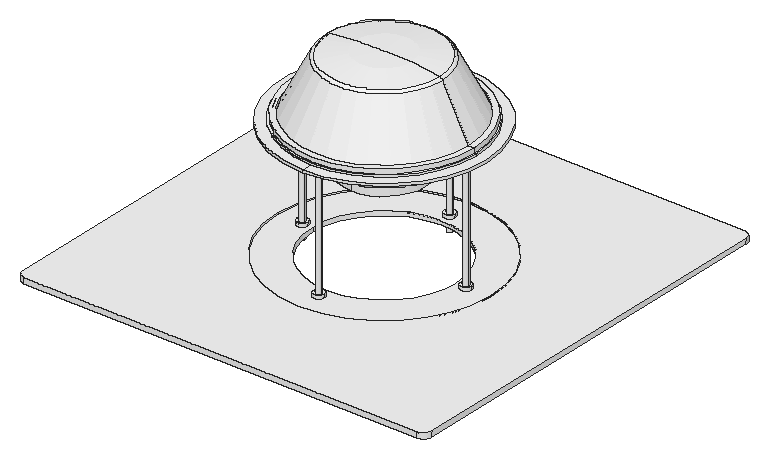
Revit family "R1200-JD-STR", category Plumbing Fixtures, host Face, Revit 2018
Family settings
  Host = Face
  Round Connector Dimension = Use Radius
  Part Type = Normal
  Cut with Voids When Loaded = No
  Shared = No
  Room Calculation Point = No
Parameters (values of type "6" Drain Pipe Size")
  WFU = 0
  URL = "WWW.MIFAB.COM"
  Strainer Diameter = 0' - 6 15/16"
  Pipe Radius = Pipe Diameter / 2  # 0' - 3"
  Pipe Diameter = 0' - 6"
  Model = "R1200-JD-STR"
  Manufacturer = "MIFAB"
  Floor Drain Material = Paint - Sherwin Williams Paint - #952C2A - Bellwood Red
  Domestic Cold Water Radius = 0' - 0 1/4"
  Domestic Cold Water Diameter = Domestic Cold Water Radius * 2  # 0' - 0 1/2"
  Description = "LARGE SUMP ROOF DRAIN WITH LOW PROFILE DOME, JASAWAZ STYLE BODY AND EXTENSION PAN"
  Default Elevation = 0' - 0"
  CWFU = 0
  Body Height = 0' - 4 1/4"
  Assembly Code = ""
  ADJUSTMENT RANGE = 0' - 8 11/16"
Types (6): name | Pipe Radius | Pipe Diameter | ADJUSTMENT RANGE
  (no name) | 0' - 3" | 0' - 6" | 0' - 8 11/16"
  2" Drain Pipe Size | 0' - 1" | 0' - 2" | 0' - 6"
  3" Drain Pipe Size | 0' - 1 1/2" | 0' - 3" | 0' - 8 11/16"
  4" Drain Pipe Size | 0' - 2" | 0' - 4" | 0' - 8 11/16"
  5" Drain Pipe Size | 0' - 2 1/2" | 0' - 5" | 0' - 8 11/16"
  6" Drain Pipe Size | 0' - 3" | 0' - 6" | 0' - 8 11/16"
Reference planes (in)
  plane 1 "Center (Front/Back)": y = 0
  plane 2: z = 0
  plane 3 "Center (Left/Right)": x = 0
  plane 4: z = -7.25
  plane 5: z = -3
  plane 6: z = -2.375
  plane 7: y = -3
  plane 8: y = 3
  plane 9: x = -2.5
  plane 10: x = 2.5
  plane 11: z = -2.5
  plane 12: x = 7.5
  plane 13: x = -7.5
  plane 14: z = 4.5
  plane 15: z = 0
  plane 16: z = -3.375
  plane 17: y = 7.5
  plane 18: y = -7.5
  plane 19: x = 6.75
  plane 20: x = -6.75
  plane 21: x = -4.2
  plane 22: x = 4.2
  plane 23: y = 15
  plane 24: y = -15
  plane 25: x = 15
  plane 26: x = -15
  plane 27: z = -8.875
  plane 28: z = -9.25
  plane 29: z = -0.1875
  plane 30: z = -8.9375
Forms (in)
  Revolve 1, solid, material "Paint - Sherwin Williams Paint - #952C2A - Bellwood Red" <- "Floor Drain Material"
    sketch origin (0, 0.04396, -2.375) x (0, 1, 0) y (0, 0, 1)
      loop
        line (-4.57045, 2.375) -> (-7.54396, 2.375) -> (-7.54396, 2.1875) -> (-4.75951, 2.1875) -> (-4.75951, 0.66305)
        arc (-4.75951, 0.66305) -> (-4.71471, 0.55491) -> (-4.60658, 0.51012) r 0.15293
        line (-4.60658, 0.51012) -> (-3.04396, 0.51012) -> (-3.04396, -1) -> (-2.84474, -1) -> (-2.84474, 0.70934) -> (-4.57045, 0.70934) -> (-4.57045, 2.375)
      axis (-0.04396, 2.375) -> (-0.04396, -1)
    angle from 0 to 360
  Revolve 2, solid, material "Paint - Sherwin Williams Paint - #952C2A - Bellwood Red" <- "Floor Drain Material"
    sketch origin (0, 0, 0) x (1, 0, 0) y (0, 0, 1)
      loop
        line (6.4534, 0.13441) -> (6.4534, 0.26611) -> (6.24075, 0.26611) -> (4.29068, 4.06023)
        arc (4.29068, 4.06023) -> (4.19809, 4.16912) -> (4.06679, 4.22561) r 0.3136
        arc (4.06679, 4.22561) -> (2.04088, 4.47375) -> (0, 4.5) r 18.73239
        line (0, 4.5) -> (0, 4.37304)
        arc (0, 4.37304) -> (2.07377, 4.34444) -> (4.13157, 4.08598) r 18.66798
        line (4.13157, 4.08598) -> (6.14077, 0.13441) -> (6.4534, 0.13441)
      axis (0, 0.13441) -> (0, 4.5)
    angle from 0 to 360
  Revolve 3, solid, material "Paint - Sherwin Williams Paint - #952C2A - Bellwood Red" <- "Floor Drain Material"
    sketch origin (0, 0, 0) x (1, 0, 0) y (0, 0, 1)
      loop
        line (6.61232, 0.47602) -> (6.22626, 0.47602) -> (6.22626, 0.31587) -> (6.4534, 0.31587) -> (6.4534, 0.13441) -> (6.1183, 0.13441) -> (6.1183, 0) -> (6.75, 0) -> (6.75, 0.13441) -> (6.61232, 0.13441) -> (6.61232, 0.47602)
      axis (0, 0) -> (0, 0.47602)
    angle from 0 to 360
  Extrusion 4, solid, material "Paint - Sherwin Williams Paint - #952C2A - Bellwood Red" <- "Floor Drain Material"
    sketch origin (0, 0, 0) x (1, 0, 0) y (0, 1, 0)
      loop
        arc (-14.40234, 15) -> (-14.82495, 14.82495) -> (-15, 14.40234) r 0.59766
        line (-15, 14.40234) -> (-15, -14.40234)
        arc (-15, -14.40234) -> (-14.82495, -14.82495) -> (-14.40234, -15) r 0.59766
        line (-14.40234, -15) -> (14.40234, -15)
        arc (14.40234, -15) -> (14.82495, -14.82495) -> (15, -14.40234) r 0.59766
        line (15, -14.40234) -> (15, 14.40376)
        arc (15, 14.40376) -> (14.82536, 14.82536) -> (14.40376, 15) r 0.59624
        line (14.40376, 15) -> (-14.40234, 15)
      loop
        circle (0, 0) r 7.8125
    from -8.875 to -9.25
  Extrusion 5, solid, material "Paint - Sherwin Williams Paint - #952C2A - Bellwood Red" <- "Floor Drain Material"
    sketch origin (0, 0, 0) x (1, 0, 0) y (0, 1, 0)
      loop
        circle (0, 0) r 7.8125
      loop
        circle (0, 0) r 5.25
    from -9.25 to -8.9375
Lines and regions (in)
  model lines, not visible
    curve 1: line (6.7156, 0, 9.07611) -> (12.5156, 0, 9.07611)
    curve 2: line (12.5156, 0, 9.07611) -> (12.5156, 0, 10.82611)
    curve 3: line (12.5156, 0, 10.82611) -> (6.7156, 0, 10.82611)
    curve 4: line (6.7156, 0, 10.82611) -> (6.7156, 0, 9.07611)
    curve 5: line (7.13163, 0, 10.86539) -> (7.13163, 0, 12.86539)
    curve 6: line (7.13163, 0, 12.86539) -> (15.53163, 0, 12.86539)
    curve 7: line (15.53163, 0, 12.86539) -> (15.53163, 0, 10.86539)
    curve 8: line (11.33163, 0, 12.86539) -> (11.33163, 0, 12.36539)
Dimensions and locks (in)
  "Body Height": plane 5 to plane 4
  equal spacing: plane 8, plane 1 "Center (Front/Back)", plane 7
  "Pipe Diameter": plane 8 to plane 7
  "Pipe Radius": plane 1 "Center (Front/Back)" to plane 7
  locked: plane 13 to plane 12 at 15
  plane 14 to plane 11 = 0' - 7"
  locked: plane 14 to level at 4.5
  level to plane 15 = 0' - 0"
  locked: plane 15 to plane 16 at 3.375
  equal spacing: plane 13, plane 3 "Center (Left/Right)", plane 12
  locked: plane 18 to plane 17 at 15
  plane 18 to plane 1 "Center (Front/Back)" to plane 17 = 0' - 7 1/2", 0' - 7 1/2"
  plane 1 "Center (Front/Back)" to Revolve 1 sketch curve to Revolve 1 sketch curve = 0' - 4.52649" locked, 0' - 0.18905" locked
  locked: plane 19 to plane 20 at 13.5
  plane 21 to plane 3 "Center (Left/Right)" to plane 22 = 0' - 4.2", 0' - 4.2"
  plane 21 to plane 22 = 0' - 8.4"
  plane 17 to plane 18 = 1' - 3"
  locked: plane 15 to Revolve 1 sketch curve at 0.1875
  plane 24 to plane 1 "Center (Front/Back)" to plane 23 = 1' - 3", 1' - 3"
  locked: plane 24 to plane 23 at 30
  plane 26 to plane 3 "Center (Left/Right)" to plane 25 = 1' - 3", 1' - 3"
  locked: plane 26 to plane 25 at 30
  locked: plane 27 to plane 28 at 0.375
  plane 15 to plane 27 = 0' - 8 7/8"
  locked: plane 2 to plane 29 at 0.1875
  plane 18 to nested 1 = 0' - 1 1/2"
  nested 4 to plane 12 = 0' - 1 1/2"
  locked: nested 3 to plane 17 at 1.5
  locked: plane 13 to nested 2 at 1.5
  locked: plane 27 to plane 30 at 0.0625
  "ADJUSTMENT RANGE": plane 29 to plane 27
  aligned and locked: plane 2 to host face
  aligned and locked: level to host face
  aligned and locked: Revolve 1 sketch curve to plane 18
  aligned and locked: Revolve 1 sketch curve to plane 15
  aligned and locked: Revolve 1 sketch curve to plane 16
  aligned and locked: Extrusion 4 sketch curve to plane 23
  aligned and locked: plane 26 to Extrusion 4 sketch curve
  aligned and locked: plane 24 to Extrusion 4 sketch curve
  aligned and locked: Extrusion 4 sketch curve to plane 25
  aligned and locked: plane 27 to Extrusion 4
  aligned and locked: Extrusion 4 to plane 28
  aligned and locked: plane 3 "Center (Left/Right)" to nested 1
  aligned and locked: plane 29 to Revolve 1
  aligned and locked: plane 29 to nested 1
  aligned and locked: Extrusion 5 sketch curve to Extrusion 4  (x2)
  aligned and locked: Extrusion 5 to plane 28
  aligned and locked: Extrusion 5 to plane 30
  aligned and locked: plane 1 "Center (Front/Back)" to nested 2
  aligned and locked: plane 3 "Center (Left/Right)" to nested 3
  aligned and locked: plane 1 "Center (Front/Back)" to nested 4
  aligned and locked: plane 29 to nested 4
  aligned and locked: plane 29 to nested 2
  aligned and locked: plane 29 to nested 3
Automatic sketch dimensions
  host sketch curve to host sketch curve = 8' - 0"  (x2)
  Revolve 3 sketch curve to plane 3 "Center (Left/Right)" = 0' - 0"
  level to Revolve 3 sketch curve = 0' - 0.13441"  (x2)
  Revolve 3 sketch curve to Revolve 3 sketch curve = 0' - 0.10796"
  Revolve 3 sketch curve to Revolve 3 sketch curve = 0' - 0.22714"
  Revolve 3 sketch curve to Revolve 3 sketch curve = 0' - 0.15892"
  Revolve 3 sketch curve to Revolve 3 sketch curve = 0' - 0.13768"
  Revolve 3 sketch curve to Revolve 3 sketch curve = 0' - 0.18146"
  Revolve 3 sketch curve to Revolve 3 sketch curve = 0' - 0 41/256"
  plane 14 to Revolve 3 sketch curve = 0' - 1.05313"
  Revolve 3 sketch curve to Revolve 3 sketch curve = 0' - 2"
  curve 5 to curve 7 = 0' - 8.4"
  curve 5 to curve 8 = 0' - 4.2"
  curve 5 to curve 5 = 0' - 2"
  curve 7 to curve 6 = 0' - 2"
  curve 8 to curve 8 = 0' - 0 1/2"
  Revolve 3 sketch curve to plane 19 = 0' - 0"
  Revolve 3 sketch curve to level = 0' - 0"
  Revolve 2 sketch curve to plane 3 "Center (Left/Right)" = 0' - 0"  (x2)
  Revolve 2 sketch curve to plane 14 = 0' - 0"
  plane 3 "Center (Left/Right)" to Revolve 2 sketch curve = 0' - 0.77986"
  Revolve 2 sketch curve to Revolve 2 sketch curve = 0' - 0"
  plane 22 to Revolve 2 sketch curve = 0' - 0.18824"
  plane 22 to Revolve 2 sketch curve = 0' - 0.06843"
  Revolve 2 sketch curve to plane 22 = 0' - 0.09068"
  level to Revolve 2 sketch curve = 0' - 0.13441"
  Revolve 2 sketch curve to plane 19 = 0' - 0.60923"
  Revolve 2 sketch curve to Revolve 2 sketch curve = 0' - 0.09998"
  Revolve 2 sketch curve to Revolve 2 sketch curve = 0' - 0.21265"
  Revolve 2 sketch curve to plane 16 = 0' - 10.84115"
  Revolve 2 sketch curve to Revolve 2 sketch curve = 0' - 0 1/16"
  Revolve 2 sketch curve to Revolve 2 sketch curve = 0' - 0.1317"
  Revolve 2 sketch curve to plane 14 = 0' - 0.58313"
  Revolve 2 sketch curve to Revolve 2 sketch curve = 0' - 0.16538"
  Revolve 2 sketch curve to Revolve 2 sketch curve = 0' - 0.13963"
  Revolve 2 sketch curve to Revolve 2 sketch curve = 0' - 1.05313"
  Revolve 2 sketch curve to Revolve 2 sketch curve = 0' - 2"
  Revolve 1 sketch curve to plane 7 = 0' - 0"
  Revolve 1 sketch curve to plane 1 "Center (Front/Back)" = 0' - 0"
  Revolve 1 sketch curve to plane 4 = 0' - 0"
  Revolve 1 sketch curve to Revolve 1 sketch curve = 0' - 0.03612"
  Revolve 1 sketch curve to plane 7 = 0' - 0 51/256"
  plane 6 to Revolve 1 sketch curve = 0' - 0.51012"
  Revolve 1 sketch curve to Revolve 1 sketch curve = 0' - 0 51/256"
  plane 16 to Revolve 1 sketch curve = 0' - 0 1/8"
  Extrusion 4 sketch curve to plane 26 = 0' - 0 153/256"
  Extrusion 4 sketch curve to plane 23 = 0' - 0 153/256"
  Extrusion 4 sketch curve to plane 9 = 0' - 2 1/2"
  Extrusion 4 sketch curve to plane 25 = 0' - 0 153/256"
  Extrusion 4 sketch curve to plane 23 = 0' - 0.59624"
  Extrusion 4 sketch curve to plane 23 = 1' - 3"
  Extrusion 5 sketch curve to Extrusion 5 sketch curve = 0' - 0"  (x2)
  radius of Extrusion 4 sketch curve = 0' - 7 13/16"
  radius of Extrusion 5 sketch curve = 0' - 5 1/4"
Nested families (in)
  nested 1: "Bolt" at (0, -6, -8.9375), type "Bolt"
    with Height 0' - 8 3/4"
  nested 2: "Bolt" at (-6, 0, -8.9375), type "Bolt"
    with Height 0' - 8 3/4"
  nested 3: "Bolt" at (0, 6, -8.9375), type "Bolt"
    with Height 0' - 8 3/4"
  nested 4: "Bolt" at (6, 0, -8.9375), type "Bolt"
    with Height 0' - 8 3/4"
Connectors (in)
  piping at (0, 0, -3.375), diameter 6, driven by "Pipe Radius", driven by "WFU"
    settings: on Revolve 1, index 2, connector inside diameter 2", connector length 0' - 0", flow factor 0, pipe flow 0 GPM, pressure drop 0.00 psi, fitting loss kfactor 0, connector angle 0.00°, fixture units 0, engagement length 0' - 0", angle of deflection 0.00°, flow configuration 3, flow direction 2, fitting loss method 0, system type 16, joint type 0, gender type 0, connector reference index -1, connector utility 0, adjustable connector no, is connector primary yes, connector description "Sanitary Out"
Definition of nested family "Bolt"
  Parameters (values of type "Bolt")
    Material = none
    Height [instance] = 2' - 9.85827"
    Default Elevation = 4' - 0"
  Reference planes (in)
    plane 1 "Center (Front/Back)": y = 0
    plane 2: z = 0
    plane 3 "Center (Left/Right)": x = 0
    plane 4: z = 33.85827
  Forms (in)
    Extrusion 1, solid
      sketch origin (0, 0, 0) x (1, 0, 0) y (0, 1, 0)
        loop
          line (-48, 48) -> (-48, -48) -> (48, -48) -> (48, 48) -> (-48, 48)
      from 0 to -12
    Revolve 2, solid, material <- "Material"
      sketch origin (0, 0, 0) x (1, 0, 0) y (0, 0, 1)
        loop
          line (0, 33.85827) -> (0, -0.98425) -> (0.19685, -0.98425) -> (0.19685, 0) -> (0.3937, 0) -> (0.3937, 0.19685) -> (0.19685, 0.19685) -> (0.19685, 33.12887) -> (0.30411, 33.12887)
          arc (0.30411, 33.12887) -> (0.36746, 33.15511) -> (0.3937, 33.21845) r 0.08959
          line (0.3937, 33.21845) -> (0.3937, 33.80352) -> (0.59055, 33.80352) -> (0.59055, 33.85827) -> (0, 33.85827)
        axis (0, -0.98425) -> (0, 33.85827)
      angle from 0 to 360
  Dimensions and locks (in)
    "Height": plane 4 to plane 2
    aligned and locked: plane 2 to Extrusion 1
    aligned and locked: level to Extrusion 1
    aligned and locked: Revolve 2 sketch curve to plane 3 "Center (Left/Right)"
    aligned and locked: Revolve 2 sketch curve to plane 2
  Automatic sketch dimensions
    Extrusion 1 sketch curve to Extrusion 1 sketch curve = 8' - 0"  (x2)
    Revolve 2 sketch curve to plane 3 "Center (Left/Right)" = 0' - 0"
    plane 3 "Center (Left/Right)" to Revolve 2 sketch curve = 0' - 0.19685"  (x2)
    Revolve 2 sketch curve to Revolve 2 sketch curve = 0' - 0.10726"
    plane 3 "Center (Left/Right)" to Revolve 2 sketch curve = 0' - 0.3937"
    Revolve 2 sketch curve to Revolve 2 sketch curve = 0' - 0.19685"  (x2)
    Revolve 2 sketch curve to plane 4 = 0' - 0.05474"
    Revolve 2 sketch curve to level = 0' - 0.98425"
    level to Revolve 2 sketch curve = 0' - 0.19685"
    Revolve 2 sketch curve to Revolve 2 sketch curve = 0' - 0.67466"
    Revolve 2 sketch curve to Revolve 2 sketch curve = 0' - 5.51181"  (x2)
    Revolve 2 sketch curve to plane 4 = 0' - 0"
